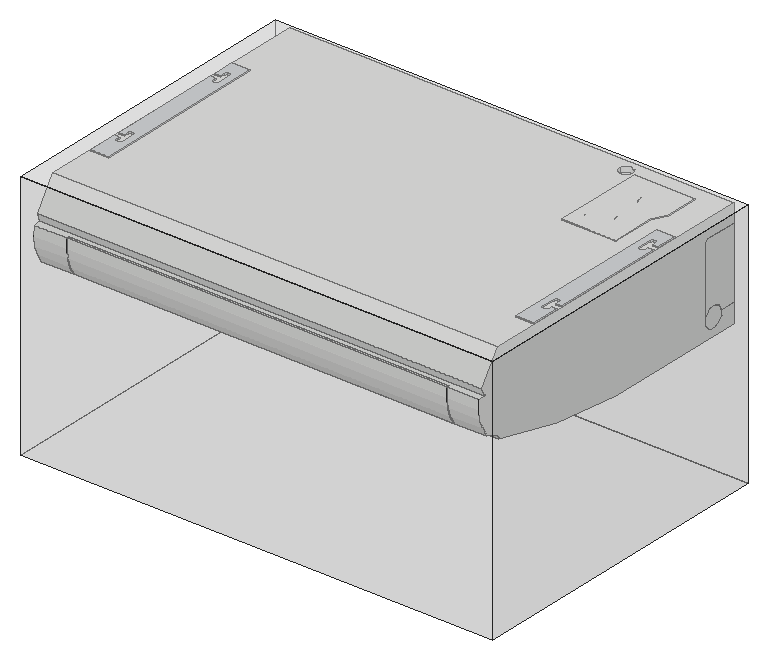
Revit family "outputfile", category 機械設備, Revit 2024
Family settings
  丸型コネクタ寸法 = 半径を使用
  パーツ タイプ = 標準
  OmniClass 番号 = 23.75.10.24.21.27.27
  OmniClass タイトル = Split System Air Conditioning Units
  作業面ベース = いいえ
  常に垂直 = はい
  ロード時にボイドで切り取り = いいえ
  注釈の向きを維持 = いいえ
  共有 = いいえ
  部屋計算ポイント = はい
Parameters (values of type "FHA50CAVMA")
  製造元 = "Daikin"
  書き出し IFC クラス(タイプ) = "IfcUnitaryEquipmentType"
  定義済み IFC タイプ(タイプ) = "AIRCONDITIONINGUNIT"
  モデル = "FHA50CAVMA"
  switch_frequency = yes
  r_Liquid Pipe Size = Liquid Pipe Size / 2  # 3.2 mm
  r_Gas Pipe Size = Gas Pipe Size / 2  # 6.35 mm
  r_Drain Pipe Size = Drain Pipe Size / 2  # 10.0 mm
  l_powersupply [instance] = if(Rear Right Connection_powersupply, 29.0 mm, 175.0 mm)  # 29.0 mm
  h_mountinghole = 2.0 mm
  connector_voltage = Voltage_50Hz  # 230 V
  connector_powerinput = [Power Input (Cooling)]  # 1.420 kW
  connector_phase = Phase_50Hz  # 1
  angle_vertical_powersupply [instance] = if(Rear Right Connection_powersupply, 90.00°, 180.00°)  # 90.00°
  angle_vertical_drainpipe [instance] = if(or(Left Connection_drainpipe, Right Connection_drainpipe), 90.00°, if(Top Connection_drainpipe, 180.00°, -90.00°))  # -90.00°
  angle_horizontal_powersupply [instance] = if(Rear Right Connection_powersupply, 180.00°, 0.00°)  # 180.00°
  angle_horizontal_drainpipe [instance] = if(Right Connection_drainpipe, 90.00°, if(Left Connection_drainpipe, -90.00°, 0.00°))  # 0.00°
  Voltage_comment_60Hz = "220-230"
  Voltage_comment_50Hz = "220-240"
  Voltage_60Hz = 220 V
  Voltage_50Hz = 230 V
  Total Heating Capacity [instance] = 0.000 kW
  Top Connection_refrigerant [instance] = no
  Top Connection_powersupply [instance] = not(Rear Right Connection_powersupply)  # no
  Right Connection_refrigerant [instance] = no
  Rear Right Connection_refrigerant [instance] = yes
  Power Input (Heating) = 1.660 kW
  Phase_60Hz = 1
  Phase_50Hz = 1
  Nominal Heating Capacity = 6.000 kW
  Material_Casing = DAIKIN_White_Casing_indoorunit
  lw_powersupply [instance] = if(Rear Right Connection_powersupply, 220.0 mm, 210.0 mm)  # 220.0 mm
  lw_mountinghole_pitch = Width - 40.0 mm  # 920.0 mm
  lw_mountinghole = 20.0 mm
  lw_liquidpipe [instance] = if(Right Connection_refrigerant, 156.0 mm, if(Top Connection_refrigerant, 156.0 mm, 136.0 mm))  # 136.0 mm
  lw_gaspipe = 105.0 mm
  lw_drainpipe [instance] = if(Top Connection_drainpipe, 102.0 mm, if(Width = 960.0 mm, if(or(Left Connection_drainpipe, Rear Left Connection_drainpipe), 884.0 mm, 83.0 mm), if(Width = 1270.0 mm, if(or(Left Connection_drainpipe, Rear Left Connection_drainpipe), 1194.0 mm, 83.0 mm), if(Width = 1590.0 mm, if(or(Left Connection_drainpipe, Rear Left Connection_drainpipe), 1514.0 mm, 83.0 mm), 83.0 mm))))  # 83.0 mm
  lh_powersupply = 175.0 mm
  lh_liquidpipe [instance] = if(Rear Right Connection_refrigerant, 160.0 mm, 131.0 mm)  # 160.0 mm
  lh_gaspipe [instance] = if(Rear Right Connection_refrigerant, 150.0 mm, 91.0 mm)  # 150.0 mm
  lh_drainpipe = 197.0 mm
  l_antena = 1.0 mm
  ld_powersupply = 30.0 mm
  ld_mountinghole_pitch = 260.0 mm
  ld_mountinghole = 210.0 mm
  ld_liquidpipe [instance] = if(Right Connection_refrigerant, 57.0 mm, if(Top Connection_refrigerant, 189.0 mm, 221.0 mm))  # 221.0 mm
  ld_gaspipe [instance] = if(Right Connection_refrigerant, 57.0 mm, if(Top Connection_refrigerant, 163.0 mm, 214.0 mm))  # 214.0 mm
  ld_drainpipe [instance] = if(or(Left Connection_drainpipe, Right Connection_drainpipe), 57.0 mm, if(Top Connection_drainpipe, 87.0 mm, 268.0 mm))  # 268.0 mm
  l_liquidpipe_length [instance] = if(Right Connection_refrigerant, 156.0 mm, if(Top Connection_refrigerant, 131.0 mm, 220.0 mm))  # 220.0 mm
  l_gaspipe_length [instance] = if(Right Connection_refrigerant, 105.0 mm, if(Top Connection_refrigerant, 91.0 mm, 213.0 mm))  # 213.0 mm
  l_drainpipe_length [instance] = if(Right Connection_drainpipe, 83.0 mm, if(Top Connection_drainpipe, 197.0 mm, if(Left Connection_drainpipe, 76.0 mm, 267.0 mm)))  # 267.0 mm
  h*** = 0.0 mm
  angle_vertical [instance] = if(Right Connection_refrigerant, 90.00°, if(Top Connection_refrigerant, 180.00°, -90.00°))  # -90.00°
  angle_horizontal [instance] = if(Right Connection_refrigerant, 90.00°, 0.00°)  # 0.00°
  Width = 960.0 mm
  Version = "ver.1.0"
  Unit Type = "Ceiling"
  Unit Mass Weight = 25.00 kg
  Unit Designation [instance] = ""
  Uniclass2015Version = "Products v1.30"
  Uniclass2015Title = "Split coil room air conditioning units"
  Uniclass2015Code = "Pr_70_65_03_86"
  Total Cooling Capacity [instance] = 0.000 kW
  Top Connection_drainpipe [instance] = no
  Sound Pressure Level_M speed (dBA) = 35
  Sound Pressure Level_L speed (dBA) = 32
  Sound Pressure Level_H speed (dBA) = 37
  Series = "SkyAir_Fan Coil Unit"
  Sensible Cooling Capacity [instance] = 0.000 kW
  Rear Right Connection_drainpipe [instance] = yes
  Rear Right Connection_powersupply [instance] = yes
  Right Connection_drainpipe [instance] = no
  Refrigerant Type = "R32"
  Power Input (Cooling) = 1.420 kW
  Option Accessory 3 [instance] = ""
  Option Accessory 2 [instance] = ""
  Option Accessory 1 [instance] = ""
  Nominal Cooling Capacity = 5.000 kW
  Minimum Airflow = 600.00 m³/h
  Median Airflow = 720.00 m³/h
  Maximum Airflow = 900.00 m³/h
  Load Classification = HVAC
  Liquid Pipe Size = 6.4 mm
  Link_Nested Family [instance] = ""
  Rear Left Connection_drainpipe [instance] = no
  Left Connection_drainpipe [instance] = no
  IfcVersion = ""
  IfcExportType = "AIRCONDITIONINGUNIT"
  IfcExportAs = "IfcUnitaryEquipmentType"
  Height = 235.0 mm
  Heating Entering Wet Bulb Temperature [instance] = -273.15 °C
  Heating Entering Dry Bulb Temperature [instance] = -273.15 °C
  Heating Ambient Wet Bulb Temperature [instance] = -273.15 °C
  Heating Ambient Dry Bulb Temperature [instance] = -273.15 °C
  Heat Exchanger Type = "Cross Fin Coil"
  Gas Pipe Size = 12.7 mm
  Frequency_60Hz = 60 Hz
  Frequency_50Hz = 50 Hz
  Fan Type = "Sirocco Fan"
  Fan Drive = "Direct Drive"
  FCU Tag No. [instance] = ""
  Drain Pipe Size = 20.0 mm
  Design Supply Airflow [instance] = 0.00 m³/h
  Design Outdoor Airflow [instance] = 0.00 m³/h
  Depth = 690.0 mm
  既定の高さ = 0.0 mm
  Cooling Entering Wet Bulb Temperature [instance] = 0.00 °C
  Cooling Entering Dry Bulb Temperature [instance] = 0.00 °C
  Cooling Ambient Wet Bulb Temperature [instance] = 0.00 °C
  Cooling Ambient Dry Bulb Temperature [instance] = 0.00 °C
  Clearance visibility [instance] = yes
  Clearance Top = 5.0 mm
  Clearance Right = 30.0 mm
  Clearance Rear = 0.0 mm
  Clearance Left = 30.0 mm
  Clearance Front = 0.0 mm
  Clearance Bottom = 300.0 mm
Reference planes
  plane 1 "Back": y = 0
  plane 2: z = 0
  plane 3 "Center (Left/Right)": x = 0
  plane 4 "Center (Front/Back)": y = -1
  plane 5 "Front": y = -690
  plane 6 "Left": x = -480
  plane 7 "Right": x = 480
  plane 8 "Top": z = 0
  plane 9 "Bottom": z = -235
  plane 10: y = -690
  plane 11: x = -510
  plane 12: x = 510
  plane 13: z = 5
  plane 14: z = -535
  plane 15: y = 0
  plane 16 "lw_mountinghole": x = -460
  plane 17 "lw_mountinghole2": x = 460
  plane 18 "ld_mountinghole": y = -210
  plane 19 "ld_mountinghole2": y = -470
  plane 20 "lw_gaspipe": x = 375
  plane 21 "ld_gaspipe": y = -214
  plane 22 "lh_gaspipe": z = -150
  plane 23 "lw_liquidpipe": x = 344
  plane 24 "ld_liquidpipe": y = -221
  plane 25 "lh_liquidpipe": z = -160
  plane 26 "ld_drainpipe": y = -268
  plane 27 "lw_drainpipe": x = 397
  plane 28 "lh_drainpipe": z = -197
  plane 29 "lw_powersupply": x = 260
  plane 30 "lh_powersupply": z = -175
  plane 31 "ld_powersupply": y = -30
  plane 32: x = -410.5
  plane 33: x = 410.5
  plane 34: x = -435
  plane 35: x = 435
  plane 36: x = -2
  plane 37: x = 2
Forms (mm)
  Extrusion 1, solid, material "DAIKIN_White_Casing_indoorunit" <- "Material_Casing"
    sketch origin (0, 0, 0) x (0, 1, 0) y (0, 0, 1)
      loop
        line (-639.277, 0) -> (-680.876, -61.699) -> (-675.026, -77.772)
        arc (-675.026, -77.772) -> (-681.815, -78.743) -> (-688.601, -79.732) r 2634.132
        arc (-688.601, -79.732) -> (-687.018, -121.096) -> (-669.159, -158.439) r 102.2
        line (-669.159, -158.439) -> (-639.858, -169.325) -> (-635.895, -178.261)
        arc (-635.895, -178.261) -> (-479.121, -215.759) -> (-319.077, -235) r 1400.997
        line (-319.077, -235) -> (-1, -235) -> (-1, 0) -> (-639.277, 0)
    from -480 to 480
  Extrusion 2, solid, material "DAIKIN_White_Casing_indoorunit" <- "Material_Casing"
    sketch origin (0, 0, 0) x (0, 1, 0) y (0, 0, 1)
      loop
        arc (-688.601, -79.732) -> (-687.018, -121.096) -> (-669.159, -158.439) r 102.2
        line (-669.159, -158.439) -> (-665.589, -154.869)
        arc (-665.589, -154.869) -> (-682.432, -118.783) -> (-683.39, -78.971) r 97.2
        arc (-683.39, -78.971) -> (-685.996, -79.351) -> (-688.601, -79.732) r 2634.132
    from -410.5 to 410.5
  Extrusion 3, void
    sketch origin (0, 0, 0) x (0, 1, 0) y (0, 0, 1)
      loop
        line (-301.098, -235) -> (-21.098, -235) -> (-21.098, -230) -> (-301.098, -230) -> (-301.098, -235)
    from -435 to 435
  Extrusion 4, solid, material "DAIKIN_White_Grille_indoorunit"
    sketch origin (0, 0, 0) x (0, 1, 0) y (0, 0, 1)
      loop
        line (-20.098, -230) -> (-301.098, -230) -> (-301.098, -235) -> (-20.098, -235) -> (-20.098, -230)
    from -435 to -2
  Extrusion 5, solid, material "DAIKIN_White_Casing_indoorunit" <- "Material_Casing"
    sketch origin (0, 0, 0) x (1, 0, 0) y (0, 0, 1)
      loop
        line (287, -63) -> (287, -178) -> (358, -220) -> (421, -220) -> (421, -63) -> (287, -63)
    from 0 to 1
  Extrusion 6, solid, material "DAIKIN_White_Casing_indoorunit" <- "Material_Casing"
    sketch origin (0, 0, 0) x (-1, 0, 0) y (0, -1, 0)
      loop
        line (-292, 35) -> (-292, 230) -> (-408, 230) -> (-408, 135) -> (-423, 105) -> (-423, 35) -> (-292, 35)
    from 0 to 1.9
  Extrusion 7, void
    sketch origin (480, 0, 0) x (0, 1, 0) y (0, 0, 1)
      loop
        arc (-79.5, -197) -> (-55.446, -219.446) -> (-34.715, -193.9) r 22.5
        line (-34.715, -193.9) -> (-1, -193.9) -> (-1, -192.1) -> (-35.04, -192.1)
        arc (-35.04, -192.1) -> (-54.942, -174.594) -> (-77.7, -188.182) r 22.5
        line (-77.7, -188.182) -> (-77.7, -45)
        arc (-77.7, -45) -> (-76.528, -42.172) -> (-73.7, -41) r 4
        line (-73.7, -41) -> (-1, -41) -> (-1, -39.2) -> (-73.7, -39.2)
        arc (-73.7, -39.2) -> (-77.801, -40.899) -> (-79.5, -45) r 5.8
        line (-79.5, -45) -> (-79.5, -197)
      loop
        circle (-57, -197) r 20.7
    from 0 to -10
  Extrusion 8, void
    sketch origin (-1444.026, -1, 1200) x (1, 0, 0) y (0, 0, 1)
      loop
        arc (1030.026, -1375) -> (1019.42, -1379.393) -> (1015.026, -1390) r 15
        line (1015.026, -1390) -> (1015.026, -1400)
        arc (1015.026, -1400) -> (1019.42, -1410.607) -> (1030.026, -1415) r 15
        line (1030.026, -1415) -> (1060.026, -1415)
        arc (1060.026, -1415) -> (1070.633, -1410.607) -> (1075.026, -1400) r 15
        line (1075.026, -1400) -> (1075.026, -1390)
        arc (1075.026, -1390) -> (1070.633, -1379.393) -> (1060.026, -1375) r 15
        line (1060.026, -1375) -> (1030.026, -1375)
    from 0 to 10
  Extrusion 9, void
    sketch origin (-480, 0, 0) x (0, 1, 0) y (0, 0, 1)
      loop
        circle (-57, -197) r 22.5
    from 0 to 10
  Extrusion 10, void
    sketch origin (-1444.026, -1, 1200) x (1, 0, 0) y (0, 0, 1)
      loop
        circle (1821.026, -1375) r 44
    from 0 to 10
  Extrusion 11, void
    sketch origin (0, 0, 0) x (-1, 0, 0) y (0, -1, 0)
      loop
        circle (-378, 87) r 30
    from 0 to -10
  Extrusion 12, void
    sketch origin (0, 0, 0) x (-1, 0, 0) y (0, -1, 0)
      loop
        circle (-375, 163) r 18
    from 0 to -10
  Extrusion 13, void
    sketch origin (0, 0, 0) x (-1, 0, 0) y (0, -1, 0)
      loop
        circle (-324, 189) r 13
    from 0 to -10
  Extrusion 14, void
    sketch origin (-1444.026, -1, 1200) x (1, 0, 0) y (0, 0, 1)
      loop
        circle (1704.026, -1375) r 14.5
    from 0 to 10
  Extrusion 15, void
    sketch origin (0, 0, 0) x (-1, 0, 0) y (0, -1, 0)
      loop
        circle (-270, 30) r 14.5
    from 0 to -10
  Extrusion 16, void
    sketch origin (480, 0, 0) x (0, 1, 0) y (0, 0, 1)
      loop
        arc (-665.589, -154.869) -> (-682.432, -118.783) -> (-683.39, -78.971) r 97.2
        arc (-683.39, -78.971) -> (-685.996, -79.351) -> (-688.601, -79.732) r 2634.132
        arc (-688.601, -79.732) -> (-687.018, -121.096) -> (-669.159, -158.439) r 102.2
        line (-669.159, -158.439) -> (-665.589, -154.869)
    from -69.5 to -890.5
  Extrusion 17, solid, material "DAIKIN_White_Casing_indoorunit" <- "Material_Casing"
    sketch origin (-480, 0, 0) x (0, 1, 0) y (0, 0, 1)
      loop
        circle (-57, -197) r 22.5
    from 0 to 10
  Extrusion 18, solid, material "DAIKIN_White_Grille_indoorunit"
    sketch origin (780, 0, 0) x (0, 1, 0) y (0, 0, 1)
      loop
        line (-20.098, -230) -> (-301.098, -230) -> (-301.098, -235) -> (-20.098, -235) -> (-20.098, -230)
    from -782 to -778
  Extrusion 19, solid, material "DAIKIN_White_Grille_indoorunit"
    sketch origin (0, 0, 0) x (0, 1, 0) y (0, 0, -1)
      loop
        line (-20.098, 230) -> (-20.098, 235) -> (-301.098, 235) -> (-301.098, 230) -> (-20.098, 230)
    from -435 to -2
Cuts and joins
  Extrusion 3, Extrusion 7, Extrusion 8, Extrusion 9, Extrusion 10, Extrusion 11, Extrusion 12, Extrusion 13, Extrusion 14, Extrusion 15, Extrusion 16 cuts Extrusion 1
Lines and regions (mm)
  reference lines
    curve 1: line (480, -580.282, -192.75) -> (480, -551.225, -200.21)
Dimensions and locks
  equal spacing: plane 6 "Left", plane 3 "Center (Left/Right)", plane 7 "Right"
  "Width": plane 6 "Left" to plane 7 "Right"
  "Depth": plane 5 "Front" to plane 1 "Back"
  "Height": plane 8 "Top" to plane 9 "Bottom"
  "Clearance Front": plane 10 to plane 5 "Front"
  "Clearance Left": plane 11 to plane 6 "Left"
  "Clearance Right": plane 7 "Right" to plane 12
  "Clearance Top": plane 13 to plane 8 "Top"
  "Clearance Bottom": plane 9 "Bottom" to plane 14
  "Clearance Rear": plane 1 "Back" to plane 15
  locked: plane 4 "Center (Front/Back)" to plane 1 "Back" at 1
  locked: Extrusion 1 sketch curve to Extrusion 1 sketch curve at 235
  locked: Extrusion 1 sketch curve to Extrusion 1 sketch curve at 318.077
  locked: Extrusion 1 sketch curve to Extrusion 1 sketch curve at 1163.297
  locked: Extrusion 1 sketch curve to Extrusion 1 sketch curve at 231.144
  Extrusion 3 sketch curve to Extrusion 3 sketch curve to plane 1 "Back" = 280.0 mm locked, 21.098 mm locked
  "ld_mountinghole": plane 18 "ld_mountinghole" to plane 1 "Back"
  "ld_mountinghole_pitch": plane 18 "ld_mountinghole" to plane 19 "ld_mountinghole2"
  "lw_mountinghole_pitch": plane 16 "lw_mountinghole" to plane 17 "lw_mountinghole2"
  "lw_mountinghole": plane 6 "Left" to plane 16 "lw_mountinghole"
  "lw_gaspipe": plane 20 "lw_gaspipe" to plane 7 "Right"
  "ld_gaspipe": plane 1 "Back" to plane 21 "ld_gaspipe"
  "lw_liquidpipe": plane 23 "lw_liquidpipe" to plane 7 "Right"
  "ld_liquidpipe": plane 1 "Back" to plane 24 "ld_liquidpipe"
  "lw_drainpipe": plane 27 "lw_drainpipe" to plane 7 "Right"
  "ld_drainpipe": plane 26 "ld_drainpipe" to plane 1 "Back"
  plane 8 "Top" to Extrusion 5 sketch curve to Extrusion 5 sketch curve = 63.0 mm locked, 157.0 mm locked
  plane 7 "Right" to Extrusion 5 sketch curve to Extrusion 5 sketch curve = 59.0 mm locked, 134.0 mm locked
  locked: Extrusion 5 sketch curve to Extrusion 5 sketch curve at 115
  locked: Extrusion 5 sketch curve to Extrusion 5 sketch curve at 63
  locked: Extrusion 6 sketch curve to Extrusion 6 sketch curve at 195
  locked: Extrusion 6 sketch curve to Extrusion 6 sketch curve at 116
  locked: Extrusion 6 sketch curve to Extrusion 6 sketch curve at 131
  locked: Extrusion 6 sketch curve to Extrusion 6 sketch curve at 100
  locked: Extrusion 6 sketch curve to plane 1 "Back" at 35
  locked: Extrusion 6 sketch curve to plane 7 "Right" at 57
  locked: Extrusion 8 sketch curve to Extrusion 8 sketch curve at 40
  locked: Extrusion 8 sketch curve to Extrusion 8 sketch curve at 60
  locked: plane 8 "Top" to Extrusion 8 sketch curve at 175
  locked: Extrusion 8 sketch curve to plane 6 "Left" at 51
  locked: plane 7 "Right" to Extrusion 10 sketch curve at 103
  locked: plane 8 "Top" to Extrusion 10 sketch curve at 175
  locked: Extrusion 11 sketch curve to plane 1 "Back" at 87
  locked: Extrusion 11 sketch curve to plane 7 "Right" at 102
  locked: Extrusion 12 sketch curve to plane 1 "Back" at 163
  locked: Extrusion 12 sketch curve to plane 7 "Right" at 105
  locked: Extrusion 13 sketch curve to plane 1 "Back" at 189
  locked: Extrusion 13 sketch curve to plane 7 "Right" at 156
  "lw_powersupply": plane 29 "lw_powersupply" to plane 7 "Right"
  "lh_gaspipe": plane 8 "Top" to plane 22 "lh_gaspipe"
  "lh_liquidpipe": plane 8 "Top" to plane 25 "lh_liquidpipe"
  "lh_powersupply": plane 8 "Top" to plane 30 "lh_powersupply"
  "lh_drainpipe": plane 8 "Top" to plane 28 "lh_drainpipe"
  "ld_powersupply": plane 1 "Back" to plane 31 "ld_powersupply"
  locked: plane 8 "Top" to Extrusion 7 sketch curve at 197
  locked: Extrusion 7 sketch curve to plane 1 "Back" at 57
  locked: plane 9 "Bottom" to Extrusion 7 sketch curve at 41.1
  locked: Extrusion 7 sketch curve to plane 8 "Top" at 41
  locked: Extrusion 7 sketch curve to plane 1 "Back" at 79.5
  locked: Extrusion 9 sketch curve to plane 1 "Back" at 57
  locked: plane 8 "Top" to Extrusion 9 sketch curve at 197
  locked: Extrusion 17 sketch curve to plane 1 "Back" at 57
  locked: plane 8 "Top" to Extrusion 17 sketch curve at 197
  locked: plane 7 "Right" to Extrusion 14 sketch curve at 220
  locked: plane 8 "Top" to Extrusion 14 sketch curve at 175
  locked: Extrusion 15 sketch curve to plane 7 "Right" at 210
  locked: Extrusion 15 sketch curve to plane 1 "Back" at 30
  locked: curve 1 to plane 9 "Bottom" at 34.79
  locked: curve 1 to plane 9 "Bottom" at 42.25
  locked: plane 6 "Left" to plane 32 at 69.5
  locked: plane 33 to plane 7 "Right" at 69.5
  locked: plane 35 to plane 7 "Right" at 45
  locked: plane 6 "Left" to plane 34 at 45
  plane 36 to plane 3 "Center (Left/Right)" to plane 37 = 2.0 mm locked, 2.0 mm locked
  locked: curve 1 to plane 9 "Bottom" (angle 14.40°)
  aligned and locked: level to plane 2
  aligned and locked: nested 1 to plane 11
  aligned and locked: nested 1 to plane 12
  aligned and locked: nested 1 to plane 10
  aligned and locked: plane 13 to nested 1
  aligned and locked: plane 14 to nested 1
  aligned and locked: plane 15 to nested 1
  aligned and locked: Extrusion 1 sketch curve to plane 8 "Top"
  aligned and locked: Extrusion 2 sketch curve to Extrusion 1  (x2)
  aligned and locked: plane 7 "Right" to Extrusion 1
  aligned and locked: Extrusion 1 to plane 6 "Left"
  aligned and locked: cut or joined group 1 (Extrusion 1, Extrusion 3, Extrusion 7, Extrusion 8, Extrusion 9, Extrusion 10, Extrusion 11, Extrusion 12, Extrusion 13, Extrusion 14, Extrusion 15, Extrusion 16) to Extrusion 3 sketch curve
  aligned and locked: cut or joined group 1 to Extrusion 4 sketch curve
  aligned and locked: Extrusion 5 to plane 4 "Center (Front/Back)"
  aligned and locked: Extrusion 7 sketch curve to plane 4 "Center (Front/Back)"
  aligned and locked: Extrusion 16 sketch curve to Extrusion 2  (x4)
  aligned and locked: Extrusion 16 to Extrusion 2  (x2)
  aligned and locked: nested 2 to plane 26 "ld_drainpipe"
  aligned and locked: plane 27 "lw_drainpipe" to nested 2
  aligned and locked: plane 20 "lw_gaspipe" to nested 3
  aligned and locked: nested 3 to plane 21 "ld_gaspipe"
  aligned and locked: plane 23 "lw_liquidpipe" to nested 4
  aligned and locked: nested 4 to plane 24 "ld_liquidpipe"
  aligned and locked: plane 25 "lh_liquidpipe" to nested 4
  aligned and locked: nested 5 to plane 31 "ld_powersupply"
  aligned and locked: plane 29 "lw_powersupply" to nested 5
  aligned and locked: nested 7 to plane 18 "ld_mountinghole"
  aligned and locked: plane 16 "lw_mountinghole" to nested 7
  aligned and locked: nested 6 to plane 19 "ld_mountinghole2"
  aligned and locked: plane 16 "lw_mountinghole" to nested 6
  aligned and locked: nested 9 to plane 18 "ld_mountinghole"
  aligned and locked: plane 17 "lw_mountinghole2" to nested 9
  aligned and locked: plane 17 "lw_mountinghole2" to nested 8
  aligned and locked: nested 8 to plane 19 "ld_mountinghole2"
  aligned and locked: nested 10 to curve 1
  aligned and locked: level to plane 8 "Top"
  aligned and locked: cut or joined group 1 to plane 32
  aligned and locked: plane 33 to cut or joined group 1
  aligned and locked: Extrusion 16 to plane 32
  aligned and locked: plane 33 to Extrusion 16
  aligned and locked: Extrusion 4 to plane 34
  aligned and locked: cut or joined group 1 to plane 34
  aligned and locked: plane 34 to Extrusion 4  (x3)
  aligned and locked: plane 16 "lw_mountinghole" to nested 11
  aligned and locked: plane 17 "lw_mountinghole2" to nested 12
  aligned and locked: plane 36 to Extrusion 4
  aligned and locked: Extrusion 18 to plane 36
  aligned and locked: plane 37 to Extrusion 18
  aligned and locked: Extrusion 19 to plane 37
  aligned and locked: plane 37 to Extrusion 19
  aligned and locked: plane 35 to Extrusion 19
  aligned and locked: plane 35 to Extrusion 3
  aligned and locked: Extrusion 4 to cut or joined group 1
  aligned and locked: cut or joined group 1 to Extrusion 18
  aligned and locked: cut or joined group 1 to Extrusion 19
Automatic sketch dimensions
  Extrusion 1 sketch curve to plane 4 "Center (Front/Back)" = 0.0 mm
  Extrusion 1 sketch curve to plane 5 "Front" = 102.2 mm
  Extrusion 1 sketch curve to plane 30 "lh_powersupply" = 3.261 mm
  Extrusion 1 sketch curve to plane 5 "Front" = 50.723 mm
  plane 30 "lh_powersupply" to Extrusion 1 sketch curve = 5.675 mm
  Extrusion 1 sketch curve to Extrusion 1 sketch curve = 3.963 mm
  plane 25 "lh_liquidpipe" to Extrusion 1 sketch curve = 1.561 mm
  Extrusion 1 sketch curve to plane 5 "Front" = 20.841 mm
  Extrusion 1 sketch curve to plane 5 "Front" = 14.974 mm
  Extrusion 1 sketch curve to plane 5 "Front" = 9.124 mm
  Extrusion 1 sketch curve to plane 26 "ld_drainpipe" = 37.278 mm
  Extrusion 1 sketch curve to plane 14 = 2150.825 mm
  plane 22 "lh_gaspipe" to Extrusion 1 sketch curve = 53.413 mm
  Extrusion 1 sketch curve to level = 77.772 mm
  Extrusion 1 sketch curve to Extrusion 1 sketch curve = 16.072 mm
  Extrusion 2 sketch curve to Extrusion 2 sketch curve = 0.0 mm  (x2)
  plane 25 "lh_liquidpipe" to Extrusion 2 sketch curve = 1.561 mm
  Extrusion 2 sketch curve to plane 22 "lh_gaspipe" = 4.869 mm
  Extrusion 2 sketch curve to Extrusion 2 sketch curve = 3.57 mm
  Extrusion 3 sketch curve to Extrusion 3 sketch curve = 5.0 mm
  plane 31 "ld_powersupply" to Extrusion 4 sketch curve = 9.902 mm
  Extrusion 4 sketch curve to Extrusion 4 sketch curve = 5.0 mm
  Extrusion 6 sketch curve to Extrusion 6 sketch curve = 30.0 mm
  Extrusion 7 sketch curve to Extrusion 7 sketch curve = 0.0 mm  (x6)
  Extrusion 7 sketch curve to plane 4 "Center (Front/Back)" = 0.0 mm
  Extrusion 7 sketch curve to Extrusion 7 sketch curve = 1.8 mm  (x2)
  Extrusion 7 sketch curve to Extrusion 7 sketch curve = 4.0 mm
  Extrusion 7 sketch curve to Extrusion 7 sketch curve = 0.325 mm
  Extrusion 8 sketch curve to plane 32 = 3.5 mm  (x2)
  Extrusion 8 sketch curve to plane 28 "lh_drainpipe" = 3.0 mm
  Extrusion 8 sketch curve to Extrusion 8 sketch curve = 15.0 mm
  curve 1 to plane 5 "Front" = 109.718 mm
  Extrusion 18 sketch curve to plane 9 "Bottom" = 0.0 mm
  plane 9 "Bottom" to Extrusion 18 sketch curve = 5.0 mm
  Extrusion 18 sketch curve to plane 26 "ld_drainpipe" = 33.098 mm
  plane 31 "ld_powersupply" to Extrusion 18 sketch curve = 9.902 mm
  Extrusion 19 sketch curve to plane 9 "Bottom" = 0.0 mm
  plane 9 "Bottom" to Extrusion 19 sketch curve = 5.0 mm
  Extrusion 19 sketch curve to plane 26 "ld_drainpipe" = 33.098 mm
  plane 31 "ld_powersupply" to Extrusion 19 sketch curve = 9.902 mm
  Extrusion 4 sketch curve to plane 26 "ld_drainpipe" = 33.098 mm
  radius of Extrusion 7 sketch curve = 20.7 mm
  radius of Extrusion 9 sketch curve = 22.5 mm
  radius of Extrusion 10 sketch curve = 44.0 mm
  radius of Extrusion 11 sketch curve = 30.0 mm
  radius of Extrusion 12 sketch curve = 18.0 mm
  radius of Extrusion 13 sketch curve = 13.0 mm
  radius of Extrusion 14 sketch curve = 14.5 mm
  radius of Extrusion 15 sketch curve = 14.5 mm
  radius of Extrusion 17 sketch curve = 22.5 mm
Nested families
  nested 1: "daikin_clearancespace" at (0, -345, -264.881), visible <- "Clearance visibility", show <- "Clearance visibility", Link_Nested Family <- "Link_Nested Family", type "daikin_clearancespace"
    with width 1020.0 mm, show yes, height 540.0 mm, depth 690.0 mm, Link_Nested Family ""
  nested 2: "daikin_connector_rotate3" at (397, -268, -197), radius <- "r_Drain Pipe Size", angle_vertical <- "angle_vertical_drainpipe", angle_horizontal <- "angle_horizontal_drainpipe", length <- "l_drainpipe_length", type "daikin_connector_rotate3"
    with show no, radius 10.0 mm, length 267.0 mm, angle_vertical -90.00°, angle_horizontal 0.00°
  nested 3: "daikin_connector_rotate3" at (375, -214, -150), radius <- "r_Gas Pipe Size", angle_vertical <- "angle_vertical", angle_horizontal <- "angle_horizontal", length <- "l_gaspipe_length", type "daikin_connector_rotate3"
    with show no, radius 6.35 mm, length 213.0 mm, angle_vertical -90.00°, angle_horizontal 0.00°
  nested 4: "daikin_connector_rotate3" at (344, -221, -160), radius <- "r_Liquid Pipe Size", angle_vertical <- "angle_vertical", angle_horizontal <- "angle_horizontal", length <- "l_liquidpipe_length", type "daikin_connector_rotate3"
    with show no, radius 3.2 mm, length 220.0 mm, angle_vertical -90.00°, angle_horizontal 0.00°
  nested 5: "daikin_connector_rotate3" at (260, -30, -175), length <- "l_powersupply", angle_vertical <- "angle_vertical_powersupply", angle_horizontal <- "angle_horizontal_powersupply", type "daikin_connector_rotate3"
    with show no, radius 10.0 mm, length 29.0 mm, angle_vertical 90.00°, angle_horizontal 180.00°
  nested 6: "daikin_mountinghole" at (-460, -470, 0), l_antenna <- "l_antena", Link_Nested Family <- "Link_Nested Family", h_mountinghole <- "h_mountinghole", type "daikin_mountinghole"
    with show yes, l_antenna 1.0 mm, h_mountinghole 2.0 mm, Link_Nested Family ""
  nested 7: "daikin_mountinghole" at (-460, -210, 0), l_antenna <- "l_antena", Link_Nested Family <- "Link_Nested Family", h_mountinghole <- "h_mountinghole", type "daikin_mountinghole"
    with show yes, l_antenna 1.0 mm, h_mountinghole 2.0 mm, Link_Nested Family ""
  nested 8: "daikin_mountinghole" at (460, -470, 0), l_antenna <- "l_antena", Link_Nested Family <- "Link_Nested Family", h_mountinghole <- "h_mountinghole", type "daikin_mountinghole"
    with show yes, l_antenna 1.0 mm, h_mountinghole 2.0 mm, Link_Nested Family ""
  nested 9: "daikin_mountinghole" at (460, -210, 0), Link_Nested Family <- "Link_Nested Family", l_antenna <- "l_antena", h_mountinghole <- "h_mountinghole", type "daikin_mountinghole"
    with show yes, l_antenna 1.0 mm, h_mountinghole 2.0 mm, Link_Nested Family ""
  nested 10: "daikin_logo_plane_w40" at (332.963, -559.801, -198.008) x (1, 0, 0) z (0, -0.2487, -0.9686), type "daikin_logo_plane_w40"
    with show_logo yes
  nested 11: "daikin_hangerfixture_FHA-CAVMA" at (-460, 0, 0), type "daikin_hangerfixture_FHA-CAVMA"
    with width 38.0 mm, height 2.0 mm, depth 380.0 mm
  nested 12: "daikin_hangerfixture_FHA-CAVMA" at (460, 0, 0) x (-1, 0, 0) z (0, 0, 1), type "daikin_hangerfixture_FHA-CAVMA"
    with width 38.0 mm, height 2.0 mm, depth 380.0 mm
Connectors
  piping at (397, -1, -197), diameter 20, driven by "r_Drain Pipe Size"
    settings: on nested 2, index 1, connector inside diameter 609.6 mm, connector length 0.0 mm, flow factor 0, pipe flow 0.00 m³/h, pressure drop 0.0 Pa, fitting loss kfactor 0, connector angle 0.00°, fixture units 0, engagement length 0.0 mm, angle of deflection 0.00°, flow configuration 1, flow direction 2, fitting loss method 4, system type 16, joint type 0, gender type 0, connector reference index -1, connector utility 0, adjustable connector no, is connector primary yes, connector description "Condensate Drain Piping"
  piping at (375, -1, -150), diameter 12.7, driven by "r_Gas Pipe Size"
    settings: on nested 3, index 3, connector inside diameter 609.6 mm, connector length 0.0 mm, flow factor 0, pipe flow 0.00 m³/h, pressure drop 0.0 Pa, fitting loss kfactor 0, connector angle 0.00°, fixture units 0, engagement length 0.0 mm, angle of deflection 0.00°, flow configuration 1, flow direction 2, fitting loss method 0, system type 29, joint type 0, gender type 0, connector reference index -1, connector utility 0, adjustable connector no, is connector primary no, connector description "Refrigerant Gas Piping"
  piping at (344, -1, -160), diameter 6.4, driven by "r_Liquid Pipe Size"
    settings: on nested 4, index 4, connector inside diameter 609.6 mm, connector length 0.0 mm, flow factor 0, pipe flow 0.00 m³/h, pressure drop 0.0 Pa, fitting loss kfactor 0, connector angle 0.00°, fixture units 0, engagement length 0.0 mm, angle of deflection 0.00°, flow configuration 1, flow direction 1, fitting loss method 0, system type 29, joint type 0, gender type 0, connector reference index -1, connector utility 0, adjustable connector no, is connector primary no, connector description "Refrigerant Liquid Piping"
  electrical at (260, -1, -175), driven by "Load Classification", driven by "connector_powerinput", driven by "connector_phase", driven by "connector_voltage"
    settings: on nested 5, index 6, voltage 230 V, apparent load 1420 VA, apparent load phase1 0 VA, apparent load phase2 0 VA, apparent load phase3 0 VA, power factor 1, load classification "HVAC", number of poles 1, system type 30, power factor state 1, is connector primary yes, connector utility no, sub classification motor no, connector description "Power Supply"
Definition of nested family "daikin_clearancespace"
  Parameters (values of type "daikin_clearancespace")
    Description = "daikin_clearancespace"
    width [instance] = 1823.963 mm
    show [instance] = yes
    material = none
    height [instance] = 1359.762 mm
    depth [instance] = 880.0 mm
    Default Elevation = 0.0 mm
    Link_Nested Family [instance] = ""
  Reference planes
    plane 1 "Center (Front/Back)": y = 0
    plane 2 "Center (Elevation)": z = -0.119
    plane 3 "Center (Left/Right)": x = 0
    plane 4: y = 440
    plane 5: y = -440
    plane 6 "Right": x = 911.982
    plane 7 "Left": x = -911.982
    plane 8 "Top": z = 679.762
    plane 9 "Bottom": z = -680
  Forms (mm)
    Extrusion 1, solid, material <- "material", visible <- "show"
      sketch origin (0, 0, 0) x (1, 0, 0) y (0, 1, 0)
        loop
          line (-911.982, 440) -> (-911.982, -440) -> (911.982, -440) -> (911.982, 440) -> (-911.982, 440)
      from -680 to 679.762
  Lines and regions (mm)
    symbolic lines, visible <- "show"
      curve 1: line (911.982, 440, 0) -> (-911.982, 440, 0)
      curve 2: line (-911.982, 440, 0) -> (-911.982, -440, 0)
      curve 3: line (-911.982, -440, 0) -> (911.982, -440, 0)
      curve 4: line (911.982, -440, 0) -> (911.982, 440, 0)
      curve 5: line (911.982, 0, 679.762) -> (-911.982, 0, 679.762)
      curve 6: line (911.982, 0, -680) -> (911.982, 0, 679.762)
      curve 7: line (-911.982, 0, -680) -> (911.982, 0, -680)
      curve 8: line (-911.982, 0, 679.762) -> (-911.982, 0, -680)
      curve 9: line (0, 440, 679.762) -> (0, -440, 679.762)
      curve 10: line (0, -440, 679.762) -> (0, -440, -680)
      curve 11: line (0, 440, -680) -> (0, 440, 679.762)
      curve 12: line (0, -440, -680) -> (0, 440, -680)
  Dimensions and locks
    "width": plane 7 "Left" to plane 6 "Right"
    "depth": plane 4 to plane 5
    "height": plane 8 "Top" to plane 9 "Bottom"
    equal spacing: plane 7 "Left", plane 3 "Center (Left/Right)", plane 6 "Right"
    equal spacing: plane 4, plane 1 "Center (Front/Back)", plane 5
    equal spacing: plane 8 "Top", plane 2 "Center (Elevation)", plane 9 "Bottom"
    aligned and locked: level to plane 2 "Center (Elevation)"
    aligned and locked: Extrusion 1 sketch curve to plane 4
    aligned and locked: plane 7 "Left" to Extrusion 1 sketch curve
    aligned and locked: Extrusion 1 sketch curve to plane 5
    aligned and locked: Extrusion 1 sketch curve to plane 6 "Right"
    aligned and locked: plane 8 "Top" to Extrusion 1
    aligned and locked: curve 1 to Extrusion 1
    aligned and locked: curve 2 to Extrusion 1
    aligned and locked: curve 3 to Extrusion 1
    aligned and locked: curve 4 to Extrusion 1
    aligned and locked: curve 5 to Extrusion 1
    aligned and locked: curve 6 to Extrusion 1
    aligned and locked: curve 7 to Extrusion 1
    aligned and locked: curve 8 to Extrusion 1
    aligned and locked: curve 9 to Extrusion 1
    aligned and locked: curve 10 to Extrusion 1
    aligned and locked: curve 11 to Extrusion 1
    aligned and locked: curve 12 to Extrusion 1
    aligned and locked: Extrusion 1 to plane 9 "Bottom"
Definition of nested family "daikin_logo_plane_w40"
  Parameters (values of type "daikin_logo_plane_w40")
    width = 40.0 mm
    show_logo [instance] = yes
    material = none
    height = 0.0 mm
    depth = 0.0 mm
    Default Elevation = 1219.2 mm
  Reference planes
    plane 1 "Center (Front/Back)": y = 0
    plane 2: z = 0
    plane 3 "Center (Left/Right)": x = 0
    plane 4: z = 2
    plane 5 "left": x = -19
    plane 6: x = 19
  Forms (mm)
    Extrusion 1, solid, visible <- "show_logo"
      sketch origin (-19, 0, 0) x (1, 0, 0) y (0, 1, 0)
        loop
          line (8.902, -1.878) -> (7.789, -6.332) -> (11.13, -6.332)
          arc (11.13, -6.332) -> (12.454, -6.064) -> (13.472, -5.176) r 2.642
          arc (13.472, -5.176) -> (13.92, -4.02) -> (13.767, -2.79) r 2.537
          arc (13.767, -2.79) -> (13.452, -2.342) -> (12.982, -2.06) r 1.321
          arc (12.982, -2.06) -> (12.063, -1.902) -> (11.13, -1.878) r 6.479
          line (11.13, -1.878) -> (8.902, -1.878)
        loop
          line (10.016, -5.441) -> (10.907, -5.441)
          arc (10.907, -5.441) -> (11.591, -4.983) -> (11.988, -4.261) r 1.742
          spline (11.988, -4.261) -> (12.01, -4.155) -> (12.027, -4.03) -> (12.037, -3.893) -> (12.037, -3.747) -> (12.026, -3.598) -> (12.002, -3.451) -> (11.962, -3.31) -> (11.905, -3.181) -> (11.829, -3.069) -> (11.731, -2.978) -> (11.61, -2.913) -> (11.464, -2.88)
          line (11.464, -2.88) -> (10.573, -2.88) -> (10.016, -5.441)
        loop
          line (13.58, -6.332) -> (14.805, -6.332) -> (15.223, -5.553) -> (16.977, -5.553) -> (17.144, -6.332) -> (19.149, -6.332) -> (18.258, -1.878) -> (16.03, -1.878) -> (13.58, -6.332)
        loop
          line (16.476, -3.214) -> (15.76, -4.551) -> (16.762, -4.551) -> (16.476, -3.214)
        loop
          line (19.705, -6.332) -> (21.599, -6.332) -> (22.712, -1.878) -> (20.819, -1.878) -> (19.705, -6.332)
        loop
          line (22.712, -6.332) -> (24.606, -6.332) -> (24.908, -5.122) -> (25.831, -6.332) -> (28.17, -6.332) -> (26.388, -3.994) -> (28.949, -1.878) -> (26.945, -1.878) -> (25.401, -3.153) -> (25.719, -1.878) -> (23.826, -1.878) -> (22.712, -6.332)
        loop
          line (29.84, -1.878) -> (28.615, -6.332) -> (30.62, -6.332) -> (31.734, -1.878) -> (29.84, -1.878)
        loop
          line (31.734, -6.332) -> (33.07, -6.332) -> (33.7, -3.814) -> (34.518, -6.332) -> (36.745, -6.332) -> (37.859, -1.878) -> (36.523, -1.878) -> (35.845, -4.589) -> (34.963, -1.878) -> (32.847, -1.878) -> (31.734, -6.332)
      from 0 to 2
    Extrusion 2, solid, visible <- "show_logo"
      sketch origin (-19, 0, 0) x (1, 0, 0) y (0, 1, 0)
        loop
          line (8.7, 0) -> (4.235, 0) -> (0, -3.879) -> (0, -8) -> (8.7, 0)
      from 0 to 2
    Extrusion 3, solid, visible <- "show_logo"
      sketch origin (-19, 0, 0) x (1, 0, 0) y (0, 1, 0)
        loop
          line (0, 0) -> (0, -3.879) -> (4.235, 0) -> (0, 0)
      from 0 to 2
  Dimensions and locks
    plane 4 to plane 2 = 2.0 mm
    equal spacing: plane 5 "left", plane 3 "Center (Left/Right)", plane 6
    locked: plane 5 "left" to plane 6 at 38
    aligned and locked: level to plane 2
    aligned and locked: Extrusion 3 to plane 1 "Center (Front/Back)"  (x2)
    aligned and locked: Extrusion 2 to plane 1 "Center (Front/Back)"  (x2)
    aligned and locked: plane 4 to Extrusion 1
    aligned and locked: plane 4 to Extrusion 3
    aligned and locked: plane 4 to Extrusion 2
    aligned and locked: Extrusion 3 to plane 5 "left"
    aligned and locked: Extrusion 2 to plane 5 "left"
  Automatic sketch dimensions
    Extrusion 1 sketch curve to Extrusion 1 sketch curve = 0.901 mm
    Extrusion 1 sketch curve to Extrusion 1 sketch curve = 1.559 mm
    Extrusion 1 sketch curve to Extrusion 1 sketch curve = 1.327 mm
    Extrusion 1 sketch curve to Extrusion 1 sketch curve = 2.145 mm
    Extrusion 1 sketch curve to Extrusion 1 sketch curve = 1.448 mm
    Extrusion 1 sketch curve to Extrusion 1 sketch curve = 2.116 mm
    Extrusion 1 sketch curve to Extrusion 1 sketch curve = 1.114 mm  (x4)
    Extrusion 1 sketch curve to Extrusion 1 sketch curve = 1.336 mm  (x2)
    plane 1 "Center (Front/Back)" to Extrusion 1 sketch curve = 1.878 mm  (x5)
    Extrusion 1 sketch curve to Extrusion 1 sketch curve = 1.893 mm  (x5)
    Extrusion 1 sketch curve to Extrusion 1 sketch curve = 0.891 mm  (x4)
    Extrusion 1 sketch curve to Extrusion 1 sketch curve = 2.005 mm  (x3)
    Extrusion 1 sketch curve to Extrusion 1 sketch curve = 0.445 mm  (x2)
    plane 1 "Center (Front/Back)" to Extrusion 1 sketch curve = 3.994 mm
    Extrusion 1 sketch curve to Extrusion 1 sketch curve = 0.557 mm  (x2)
    Extrusion 1 sketch curve to Extrusion 1 sketch curve = 2.339 mm  (x2)
    Extrusion 1 sketch curve to Extrusion 1 sketch curve = 1.225 mm  (x3)
    plane 1 "Center (Front/Back)" to Extrusion 1 sketch curve = 3.153 mm
    Extrusion 1 sketch curve to Extrusion 1 sketch curve = 0.987 mm
    plane 1 "Center (Front/Back)" to Extrusion 1 sketch curve = 5.122 mm
    Extrusion 1 sketch curve to Extrusion 1 sketch curve = 0.922 mm
    plane 1 "Center (Front/Back)" to Extrusion 1 sketch curve = 6.332 mm
    Extrusion 1 sketch curve to Extrusion 1 sketch curve = 2.562 mm
    plane 1 "Center (Front/Back)" to Extrusion 1 sketch curve = 5.553 mm
    Extrusion 1 sketch curve to Extrusion 1 sketch curve = 0.167 mm
    Extrusion 1 sketch curve to Extrusion 1 sketch curve = 0.215 mm
    plane 1 "Center (Front/Back)" to Extrusion 1 sketch curve = 3.214 mm
    Extrusion 1 sketch curve to Extrusion 1 sketch curve = 0.286 mm
    plane 1 "Center (Front/Back)" to Extrusion 1 sketch curve = 4.551 mm
    Extrusion 1 sketch curve to Extrusion 1 sketch curve = 1.002 mm
    Extrusion 1 sketch curve to Extrusion 1 sketch curve = 0.537 mm
    Extrusion 1 sketch curve to Extrusion 1 sketch curve = 0.418 mm
    Extrusion 1 sketch curve to Extrusion 1 sketch curve = 1.028 mm
    plane 1 "Center (Front/Back)" to Extrusion 1 sketch curve = 4.261 mm
    Extrusion 1 sketch curve to Extrusion 1 sketch curve = 0.563 mm
    plane 1 "Center (Front/Back)" to Extrusion 1 sketch curve = 2.88 mm
    Extrusion 1 sketch curve to Extrusion 1 sketch curve = 1.088 mm
    Extrusion 1 sketch curve to Extrusion 1 sketch curve = 2.152 mm
    Extrusion 1 sketch curve to Extrusion 1 sketch curve = 0.586 mm
    Extrusion 1 sketch curve to Extrusion 1 sketch curve = 0.118 mm
    Extrusion 1 sketch curve to Extrusion 1 sketch curve = 0.298 mm
    Extrusion 1 sketch curve to Extrusion 1 sketch curve = 0.334 mm
    Extrusion 1 sketch curve to Extrusion 1 sketch curve = 0.223 mm
    Extrusion 1 sketch curve to Extrusion 1 sketch curve = 0.266 mm
    Extrusion 1 sketch curve to Extrusion 1 sketch curve = 1.671 mm
    Extrusion 1 sketch curve to Extrusion 1 sketch curve = 2.227 mm
    Extrusion 1 sketch curve to Extrusion 1 sketch curve = 0.0 mm  (x7)
    Extrusion 1 sketch curve to Extrusion 1 sketch curve = 3.453 mm
    Extrusion 1 sketch curve to Extrusion 1 sketch curve = 2.017 mm
    Extrusion 1 sketch curve to Extrusion 1 sketch curve = 0.78 mm  (x2)
    Extrusion 1 sketch curve to Extrusion 1 sketch curve = 1.743 mm
    Extrusion 1 sketch curve to Extrusion 1 sketch curve = 0.775 mm
    Extrusion 1 sketch curve to Extrusion 1 sketch curve = 0.552 mm
    Extrusion 1 sketch curve to Extrusion 1 sketch curve = 0.014 mm
    Extrusion 1 sketch curve to Extrusion 1 sketch curve = 0.952 mm
    Extrusion 1 sketch curve to Extrusion 1 sketch curve = 1.215 mm
    Extrusion 1 sketch curve to Extrusion 1 sketch curve = 0.108 mm
    plane 1 "Center (Front/Back)" to Extrusion 2 sketch curve = 0.0 mm
    Extrusion 2 sketch curve to plane 3 "Center (Left/Right)" = 19.0 mm
    Extrusion 2 sketch curve to plane 3 "Center (Left/Right)" = 14.765 mm
    Extrusion 2 sketch curve to Extrusion 2 sketch curve = 4.465 mm
    plane 1 "Center (Front/Back)" to Extrusion 2 sketch curve = 3.879 mm
    Extrusion 2 sketch curve to Extrusion 2 sketch curve = 4.12 mm
    plane 1 "Center (Front/Back)" to Extrusion 3 sketch curve = 0.0 mm
    Extrusion 3 sketch curve to plane 3 "Center (Left/Right)" = 19.0 mm
    Extrusion 3 sketch curve to plane 3 "Center (Left/Right)" = 14.765 mm
    plane 1 "Center (Front/Back)" to Extrusion 3 sketch curve = 3.879 mm
    Extrusion 1 sketch curve to plane 3 "Center (Left/Right)" = 11.211 mm
    Extrusion 1 sketch curve to Extrusion 1 sketch curve = 1.782 mm
Definition of nested family "daikin_hangerfixture_FHA-CAVMA"
  Parameters (values of type "daikin_hangerfixture_FHA-CV2S")
    width = 44.0 mm
    material = none
    height = 155.0 mm
    depth = 33.0 mm
    Default Elevation = 0.0 mm
  Reference planes
    plane 1 "Center (Front/Back)": y = 0
    plane 2: z = 0
    plane 3 "Center (Left/Right)": x = 0
    plane 4: z = -2.3
    plane 5: z = -155
    plane 6: z = -12
  Forms (mm)
    Extrusion 1, solid
      sketch origin (0, 0, 0) x (1, 0, 0) y (0, 1, 0)
        loop
          line (20, -159) -> (-18, -159) -> (-18, -204) -> (-6, -204) -> (-6, -196)
          arc (-6, -196) -> (0, -190) -> (6, -196) r 6
          line (6, -196) -> (6, -224)
          arc (6, -224) -> (0, -230) -> (-6, -224) r 6
          line (-6, -224) -> (-6, -216) -> (-18, -216) -> (-18, -464) -> (-6, -464) -> (-6, -456)
          arc (-6, -456) -> (0, -450) -> (6, -456) r 6
          line (6, -456) -> (6, -484)
          arc (6, -484) -> (0, -490) -> (-6, -484) r 6
          line (-6, -484) -> (-6, -476) -> (-18, -476) -> (-18, -539) -> (20, -539) -> (20, -159)
      from 0 to 2
  Dimensions and locks
    plane 2 to plane 4 = 2.3 mm
    "height": plane 2 to plane 5
    locked: plane 2 to plane 6 at 12
    aligned and locked: level to plane 2
  Automatic sketch dimensions
    plane 3 "Center (Left/Right)" to Extrusion 1 sketch curve = 20.0 mm
    plane 1 "Center (Front/Back)" to Extrusion 1 sketch curve = 159.0 mm
    Extrusion 1 sketch curve to plane 3 "Center (Left/Right)" = 18.0 mm
    Extrusion 1 sketch curve to Extrusion 1 sketch curve = 380.0 mm
    Extrusion 1 sketch curve to Extrusion 1 sketch curve = 63.0 mm
    Extrusion 1 sketch curve to plane 3 "Center (Left/Right)" = 0.0 mm  (x4)
    plane 3 "Center (Left/Right)" to Extrusion 1 sketch curve = 6.0 mm
    Extrusion 1 sketch curve to Extrusion 1 sketch curve = 8.0 mm  (x4)
    Extrusion 1 sketch curve to Extrusion 1 sketch curve = 20.0 mm  (x2)
    Extrusion 1 sketch curve to Extrusion 1 sketch curve = 0.0 mm  (x2)
    Extrusion 1 sketch curve to Extrusion 1 sketch curve = 57.0 mm
    Extrusion 1 sketch curve to plane 3 "Center (Left/Right)" = 6.0 mm
Definition of nested family "daikin_connector_rotate3"
  Parameters (values of type "daikin_connector_rotate3")
    show [instance] = yes
    radius [instance] = 10.0 mm
    length [instance] = 600.0 mm
    angle_horizontal [instance] = 60.00°
    angle_vertical [instance] = 90.00°
    Default Elevation = 1219.2 mm
  Reference planes
    plane 1 "Center (Front/Back)": y = 0
    plane 2: z = 0
    plane 3 "Center (Left/Right)": x = 0
  Dimensions and locks
    "angle_horizontal": angle plane 3 "Center (Left/Right)" to nested 1
    aligned and locked: level to plane 2
    aligned and locked: plane 1 "Center (Front/Back)" to nested 1  (x2)
    aligned and locked: plane 3 "Center (Left/Right)" to nested 1
  Nested families
    nested 1: "daikin_connector_rotate2" at (0, 0, 0) x (0.5, 0.866, 0) z (0, 0, 1), angle_vertical <- "angle_vertical", length <- "length", radius <- "radius", type "daikin_connector_rotate2"
      with radius 10.0 mm, length 600.0 mm, angle_vertical 90.00°
  Definition of nested family "daikin_connector_rotate2"
    Parameters (values of type "daikin_connector_rotate2")
      show_face = yes
      radius [instance] = 10.0 mm
      length [instance] = 600.0 mm
      d_surface = 10.0 mm
      angle_vertical [instance] = 90.00°
      Default Elevation = 0.0 mm
    Reference planes
      plane 1 "Center (Front/Back)": y = 0
      plane 2: z = 0
      plane 3 "Center (Left/Right)": x = 0
    Forms (mm)
      Extrusion 1, solid, visible <- "show_face"
        sketch origin (0, -600, 0) x (1, 0, 0) y (0, 0, 1)
          loop
            circle (0, 0) r 10
        from 0 to -10
    Lines and regions (mm)
      reference lines
        curve 1: line (0, 0, 0) -> (0, -600, 0)
      symbolic lines
        curve 2: circle (0, 0, 0) r 5 normal (0, 0, 1)
      model lines, visible <- "show_face"
        curve 3: line (0, 0, 0) -> (0, -600, 0)
    Dimensions and locks
      "length": curve 1 to curve 1
      "length": curve 3 to curve 3
      "d_surface": Extrusion 1 to Extrusion 1
      "radius": radius of Extrusion 1 sketch curve
      "angle_vertical": angle curve 1 to plane 1 "Center (Front/Back)"
      "angle_vertical": angle curve 3 to plane 1 "Center (Front/Back)"
      aligned and locked: level to plane 2
      aligned and locked: plane 1 "Center (Front/Back)" to curve 1
      aligned and locked: plane 2 to curve 1
      aligned and locked: plane 1 "Center (Front/Back)" to curve 2
      aligned and locked: plane 3 "Center (Left/Right)" to curve 2
      aligned and locked: plane 1 "Center (Front/Back)" to curve 3
      aligned and locked: plane 2 to curve 3
      aligned and locked: Extrusion 1 to Extrusion 1
    Automatic sketch dimensions
      Extrusion 1 sketch curve to level = 0.0 mm
      Extrusion 1 sketch curve to plane 3 "Center (Left/Right)" = 0.0 mm
      radius of curve 2 = 5.0 mm
Definition of nested family "daikin_mountinghole"
  Parameters (values of type "daikin_mountinghole")
    Default Elevation = 1219.2 mm
    Type Comments = "mountinghole"
    show [instance] = yes
    material = none
    l_centerline = 100.0 mm
    l_antenna [instance] = 100.0 mm
    h_mountinghole [instance] = 0.0 mm
    d_circle = 30.0 mm
    Link_Nested Family [instance] = ""
  Reference planes
    plane 1 "Center (Front/Back)": y = 0
    plane 2: z = 0
    plane 3 "Center (Left/Right)": x = 0
    plane 4: y = 50
    plane 5: x = -50
    plane 6: x = 50
    plane 7: y = -50
    plane 8 "h_mountinghole": z = 0
    plane 9: z = 100
  Lines and regions (mm)
    model lines, detail levels fine
      curve 1: circle (0, 0, 0) r 15 normal (0, 0, 1)
      curve 2: line (-50, 0, 0) -> (50, 0, 0)
      curve 3: line (0, 50, 0) -> (0, -50, 0)
    symbolic lines, detail levels fine
      curve 4: circle (0, 0, 0) r 15 normal (0, 0, 1)
      curve 5: line (-50, 0, 0) -> (50, 0, 0)
      curve 6: line (0, 50, 0) -> (0, -50, 0)
    model lines
      curve 7: line (0, 0, 100) -> (0, 0, 0)
  Dimensions and locks
    equal spacing: plane 4, plane 1 "Center (Front/Back)", plane 7
    "l_centerline": plane 4 to plane 7
    equal spacing: plane 5, plane 3 "Center (Left/Right)", plane 6
    "l_centerline": plane 5 to plane 6
    "l_antenna": plane 9 to plane 8 "h_mountinghole"
    "h_mountinghole": plane 8 "h_mountinghole" to plane 2
    "d_circle": diameter of curve 1
    "d_circle": diameter of curve 4
    aligned and locked: level to plane 2
    aligned and locked: plane 1 "Center (Front/Back)" to curve 1
    aligned and locked: plane 3 "Center (Left/Right)" to curve 1
    aligned and locked: plane 1 "Center (Front/Back)" to curve 2
    aligned and locked: curve 3 to plane 3 "Center (Left/Right)"
    aligned and locked: plane 6 to curve 2
    aligned and locked: plane 5 to curve 2
    aligned and locked: plane 4 to curve 3
    aligned and locked: plane 7 to curve 3
    aligned and locked: plane 1 "Center (Front/Back)" to curve 4
    aligned and locked: plane 3 "Center (Left/Right)" to curve 4
    aligned and locked: plane 6 to curve 5
    aligned and locked: plane 5 to curve 5
    aligned and locked: plane 1 "Center (Front/Back)" to curve 5
    aligned and locked: plane 4 to curve 6
    aligned and locked: plane 7 to curve 6
    aligned and locked: curve 6 to plane 3 "Center (Left/Right)"
    aligned and locked: curve 7 to plane 3 "Center (Left/Right)"
    aligned and locked: plane 9 to curve 7
    aligned and locked: plane 8 "h_mountinghole" to curve 7
